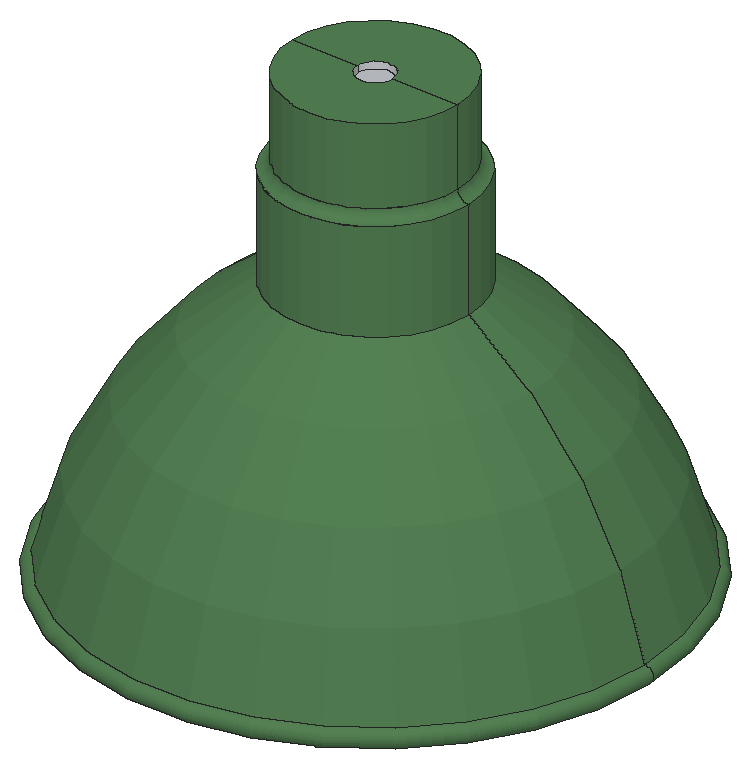
Revit family "D608 SHADE", category Lighting Fixtures, Revit 2024
Family settings
  Round Connector Dimension = Use Diameter
  Part Type = Normal
  OmniClass Number = 23.80.70.00
  OmniClass Title = Lighting
  Work Plane-Based = No
  Always vertical = Yes
  Cut with Voids When Loaded = No
  Light Source = Yes
  Maintain Annotation Orientation = No
  Shared = No
  Room Calculation Point = No
Parameters
  Wattage = 12.1178 W
  built-in parameter 1150110 = 1 (stored number, unit not read)
  built-in parameter 1114217 = 1 (stored number, unit not read)
  built-in parameter 1150109 = 1 (stored number, unit not read)
  built-in parameter 1150134 = (empty or 0)
  built-in parameter 1150113 = 1 (stored number, unit not read)
  Lumens = 1800 lm
  built-in parameter 1150115 = 1 (stored number, unit not read)
  built-in parameter 1150105 = 572.96 (stored number, unit not read)
  Light Source Symbol Size = 2' - 0"
  built-in parameter 1150137 = (empty or 0)
  built-in parameter 1150139 = (empty or 0)
  built-in parameter 1150112 = 1 (stored number, unit not read)
  built-in parameter 1150114 = 1 (stored number, unit not read)
  built-in parameter 1150132 = 2
  built-in parameter 1150102 = (empty or 0)
  built-in parameter 1150138 = (empty or 0)
  built-in parameter 1150107 = 3000 (stored number, unit not read)
  built-in parameter 1150106 = 5.7296 (stored number, unit not read)
  built-in parameter 1150104 = 13.8 (stored number, unit not read)
  Dimming Lamp Color Temperature Shift = (empty or 0)
  Default Elevation = 0' - 0"
  Color Filter = 16777215
  built-in parameter 1114218 = 1 (stored number, unit not read)
  built-in parameter 1150133 = 10 (stored number, unit not read)
Reference planes (in)
  plane 1 "Light Source Axis (F/B)": y = 0
  plane 2: z = 0
  plane 3 "Light Source Axis (L/R)": x = 0
  plane 4 "Light Source Elevation": z = 84
Forms (in)
  Revolve 1, solid
    sketch origin (0, 0, 0) x (1, 0, 0) y (0, 0, 1)
      loop
        line (-0.25, 90.40625) -> (-0.25, 90.5) -> (-1.187, 90.5) -> (-1.187, 89.41507)
        arc (-1.187, 89.41507) -> (-1.23093, 89.309) -> (-1.337, 89.26507) r 0.15
        line (-1.337, 89.26507) -> (-1.337, 87.85)
        arc (-1.337, 87.85) -> (-2.97589, 86.31504) -> (-3.85775, 84.25) r 5.45574
        arc (-3.85775, 84.25) -> (-3.90555, 84.0095) -> (-3.7694, 84.21343) r 0.125
        arc (-3.7694, 84.21343) -> (-2.88933, 86.27517) -> (-1.24325, 87.79693) r 5.36199
        line (-1.24325, 87.79693) -> (-1.24325, 89.19007)
        arc (-1.24325, 89.19007) -> (-1.13419, 89.27986) -> (-1.09325, 89.41507) r 0.24375
        line (-1.09325, 89.41507) -> (-1.09325, 90.40625) -> (-0.25, 90.40625)
      axis (0, 90.5) -> (0, 84.21343)
    angle from 0 to 360
Dimensions and locks (in)
  aligned and locked: plane 3 "Light Source Axis (L/R)" to imposter light
  aligned and locked: plane 1 "Light Source Axis (F/B)" to imposter light
  aligned and locked: plane 4 "Light Source Elevation" to imposter light
  aligned and locked: level to plane 2
